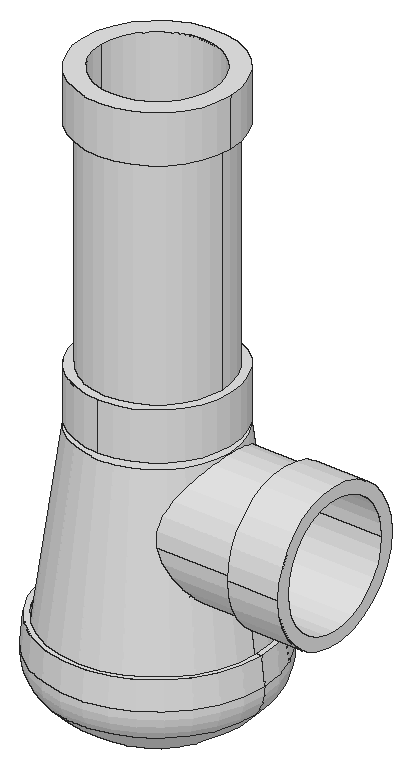
Revit family "S-69", category Pipe Fittings, Revit 2015
Parameters (values of type "S-69_1 1/2"")
  URL = "http://www.jimten.com/es/producto/77/sifon-bide"
  Salida = "Ø40 MM (HEMBRA)"
  Referencia = "04058"
  Model = "S-69 "  # constant formula
  Material = PP (Blanco)
  Manufacturer = "Jimten"  # constant formula
  Entradas = "1 1/2\" ROSCA HEMBRA"
  DiametroSalida = 40 mm
  DiametroEntrada = 38.1 mm
  Description = "SIFON BOTELLA CORTO EXTENSIBLE, SALIDA HORIZONTAL, RACOR CON JUNTA FIX\r\n"  # constant formula
  Type Comments = "FACIL INSTALACION GRACIAS A SU SISTEMA DE JUNTAS INTEGRADAS, TAPON DE REGISTRO INFERIOR\r\n"  # constant formula
  Certificados = "http://www.jimten.com/_bd/_adjuntos/3b4e9e19f525a9333619fbb9026ce695.pdf?viewPdf"
  Caudal = 0.4 L/s
  C [instance] = 130 mm
  B = 60 mm
  Aplicación = "LAVABO, BIDET\r\n"  # constant formula
  AlturaMinima = 150 mm
  AlturaMaxima = 220 mm
  ACalculo [instance] = if(A < AlturaMaxima, if(A > AlturaMinima, A, AlturaMinima), AlturaMaxima)  # 200 mm
  A [instance] = 200 mm
Types (2, lengths in mm): name | Salida | Referencia | Entradas | DiametroSalida | DiametroEntrada | B | AlturaMinima | AlturaMaxima
  S-69_1 1/2" | "Ø40 MM (HEMBRA)" | "04058" | "1 1/2\" ROSCA HEMBRA" | 40 | 38.1 | 60 | 150 | 220
  S-69_1 1/4" | "Ø32 MM (HEMBRA)" | "04016" | "1 1/4\" ROSCA HEMBRA" | 32 | 31.8 | 50 | 140 | 205
Reference planes
  plane 1 "Centro (Frontal/Posterior)": y = 0
  plane 2: z = -65
  plane 3 "Centro (Izquierda/Derecha)": x = 0
  plane 4: z = -135
  plane 5: z = -205
  plane 6: x = -67.11
  plane 7: x = 60
  plane 8: y = 54.351
  plane 9: y = -45
  plane 10: z = -82
  plane 11: z = -95
  plane 12: z = -113
  plane 13: z = -5
Forms (mm)
  SweptBlend 1, solid, material "PP (Blanco)" <- "Material"
    path origin (0, 0, 0) x (1, 0, 0) y (0, 0, 1)
      loop
        line (0, -185) -> (0, -113)
    profile origin (0, 0, -185) x (-1, 0, 0) y (0, -1, 0)
      loop
        circle (0, 0) r 35
    end profile origin (0, 0, -113) x (-1, 0, 0) y (0, -1, 0)
      loop
        circle (0, 0) r 25
  Revolve 2, solid, material "PP (Blanco)" <- "Material"
    sketch origin (0, 0, 0) x (1, 0, 0) y (0, 0, 1)
      loop
        line (35, -185) -> (0, -185) -> (0, -205)
        arc (0, -205) -> (18.294, -200.983) -> (33.223, -189.673) r 43.678
        arc (33.223, -189.673) -> (35.708, -185.21) -> (36.274, -180.133) r 12.957
        line (36.274, -180.133) -> (35.461, -170.838) -> (33.774, -170.986) -> (35, -185)
      axis (0, -205) -> (0, -170.838)
    angle from 0 to 360
  Extrusion 3, solid, material "PP (Blanco)" <- "Material"
    sketch origin (60, 66.396, 1200) x (0, 1, 0) y (0, 0, 1)
      loop
        circle (-66.396, -1335) r 20
      loop
        circle (-66.396, -1335) r 22
    from 0 to -60
  Extrusion 4, solid, material "PP (Blanco)" <- "Material"
    sketch origin (60, 66.396, 1200) x (0, 1, 0) y (0, 0, 1)
      loop
        circle (-66.396, -1335) r 22
      loop
        circle (-66.396, -1335) r 24
    from 0 to -17
  Extrusion 5, solid, material "PP (Blanco)" <- "Material"
    sketch origin (65, -1524, -113) x (0, -1, 0) y (-1, 0, 0)
      loop
        circle (-1524, 65) r 25
    from -2 to -18
  Extrusion 6, solid, material "PP (Blanco)" <- "Material"
    sketch origin (0, 0, -65) x (1, 0, 0) y (0, 1, 0)
      loop
        circle (0, 0) r 19.05
      loop
        circle (0, 0) r 22
    from 60 to -30
  Extrusion 7, solid, material "PP (Blanco)" <- "Material"
    sketch origin (-132.11, -1524, -5) x (-1, 0, 0) y (0, -1, 0)
      loop
        circle (-132.11, -1524) r 25
      loop
        circle (-132.11, -1524) r 22
    from 0 to -16
  Extrusion 8, solid
    sketch origin (65, -1524, -113) x (0, -1, 0) y (-1, 0, 0)
      loop
        circle (-1524, 65) r 19
      loop
        circle (-1524, 65) r 15.875
    from 0 to -2
Cuts and joins
  joined: SweptBlend 1, Revolve 2
  joined: Extrusion 3, Extrusion 4
  joined: Extrusion 6, Extrusion 7
Dimensions and locks
  locked: plane 4 to plane 5 at 70
  "B": plane 7 to plane 3 "Centro (Izquierda/Derecha)"
  plane 10 to plane 11 = 13 mm
  locked: plane 12 to plane 4 at 22
  plane 12 to SweptBlend 1 sketch curve = 72 mm
  "ACalculo": plane 13 to plane 5
  locked: Extrusion 7 to Extrusion 7 at 16
  "C": plane 13 to plane 4
  "DiametroEntrada": diameter of Extrusion 6 sketch curve
  "DiametroSalida": diameter of Extrusion 3 sketch curve
  aligned and locked: level to plane 2
  aligned and locked: plane 3 "Centro (Izquierda/Derecha)" to SweptBlend 1 sketch curve
  aligned and locked: Extrusion 3 to plane 7
  aligned and locked: Extrusion 3 to plane 3 "Centro (Izquierda/Derecha)"
  aligned and locked: Extrusion 6 to plane 11
  aligned and locked: Extrusion 7 to Extrusion 6
  aligned and locked: plane 13 to Extrusion 7
  aligned and locked: Extrusion 8 to Extrusion 5
  aligned and locked: Extrusion 7 sketch curve to Extrusion 6
Automatic sketch dimensions
  SweptBlend 1 sketch curve to plane 12 = 0 mm
  plane 1 "Centro (Frontal/Posterior)" to SweptBlend 1 sketch curve = 0 mm  (x2)
  SweptBlend 1 sketch curve to profile plane = 0 mm  (x2)
  Revolve 2 sketch curve to plane 3 "Centro (Izquierda/Derecha)" = 0 mm  (x2)
  Revolve 2 sketch curve to plane 5 = 0 mm
  Revolve 2 sketch curve to plane 3 "Centro (Izquierda/Derecha)" = 0.003 mm
  plane 3 "Centro (Izquierda/Derecha)" to Revolve 2 sketch curve = 23.366 mm
  Revolve 2 sketch curve to Revolve 2 sketch curve = 10.408 mm
  Revolve 2 sketch curve to Revolve 2 sketch curve = 11.634 mm
  Revolve 2 sketch curve to Revolve 2 sketch curve = 1.687 mm
  Revolve 2 sketch curve to Revolve 2 sketch curve = 1.274 mm
  plane 5 to Revolve 2 sketch curve = 20 mm
  Revolve 2 sketch curve to Revolve 2 sketch curve = 3.737 mm
  Revolve 2 sketch curve to Revolve 2 sketch curve = 4.867 mm
  Revolve 2 sketch curve to Revolve 2 sketch curve = 23.678 mm
  Revolve 2 sketch curve to Revolve 2 sketch curve = 7.195 mm
  Revolve 2 sketch curve to Revolve 2 sketch curve = 7.919 mm
  Extrusion 4 sketch curve to Extrusion 4 sketch curve = 0 mm  (x2)
  Extrusion 4 sketch curve to plane 1 "Centro (Frontal/Posterior)" = 0 mm
  Extrusion 4 sketch curve to plane 4 = 0 mm
  plane 1 "Centro (Frontal/Posterior)" to Extrusion 5 sketch curve = 0 mm
  Extrusion 5 sketch curve to plane 3 "Centro (Izquierda/Derecha)" = 0 mm
  Extrusion 7 sketch curve to Extrusion 7 sketch curve = 0 mm  (x2)
  Extrusion 8 sketch curve to Extrusion 8 sketch curve = 0 mm  (x2)
  plane 1 "Centro (Frontal/Posterior)" to Extrusion 8 sketch curve = 0 mm
  Extrusion 8 sketch curve to plane 3 "Centro (Izquierda/Derecha)" = 0 mm
  Extrusion 3 sketch curve to Extrusion 3 sketch curve = 0 mm  (x2)
  Extrusion 3 sketch curve to plane 1 "Centro (Frontal/Posterior)" = 0 mm
  Extrusion 3 sketch curve to plane 4 = 0 mm
  Extrusion 6 sketch curve to Extrusion 6 sketch curve = 0 mm  (x2)
  plane 1 "Centro (Frontal/Posterior)" to Extrusion 6 sketch curve = 0 mm
  Extrusion 6 sketch curve to plane 3 "Centro (Izquierda/Derecha)" = 0 mm
  radius of SweptBlend 1 sketch curve = 35 mm
  radius of SweptBlend 1 sketch curve = 25 mm
  radius of Extrusion 4 sketch curve = 22 mm
  radius of Extrusion 4 sketch curve = 24 mm
  radius of Extrusion 5 sketch curve = 25 mm
  radius of Extrusion 7 sketch curve = 25 mm
  radius of Extrusion 8 sketch curve = 19 mm
  radius of Extrusion 8 sketch curve = 15.875 mm
  radius of Extrusion 3 sketch curve = 22 mm
  radius of Extrusion 6 sketch curve = 22 mm
Connectors
  piping at (0, 0, -5), diameter 38.1, driven by "Caudal", driven by "DiametroEntrada"
    settings: on Extrusion 6, index 1, connector inside diameter 609.6 mm, connector length 0 mm, flow factor 0, pipe flow 0.4 L/s, pressure drop 0.0 Pa, fitting loss kfactor 0, connector angle 0.00°, fixture units 0, engagement length 0 mm, angle of deflection 0.00°, flow configuration 0, flow direction 1, fitting loss method 0, system type 29, joint type 0, gender type 0, connector reference index -1, connector utility 0, adjustable connector no, is connector primary yes, connector description ""
  piping at (60, 0, -135), diameter 40, driven by "DiametroSalida", driven by "Caudal"
    settings: on Extrusion 3, index 2, connector inside diameter 609.6 mm, connector length 0 mm, flow factor 0, pipe flow 0.4 L/s, pressure drop 0.0 Pa, fitting loss kfactor 0, connector angle 0.00°, fixture units 0, engagement length 0 mm, angle of deflection 0.00°, flow configuration 0, flow direction 2, fitting loss method 0, system type 29, joint type 0, gender type 0, connector reference index -1, connector utility 0, adjustable connector no, is connector primary no, connector description ""
